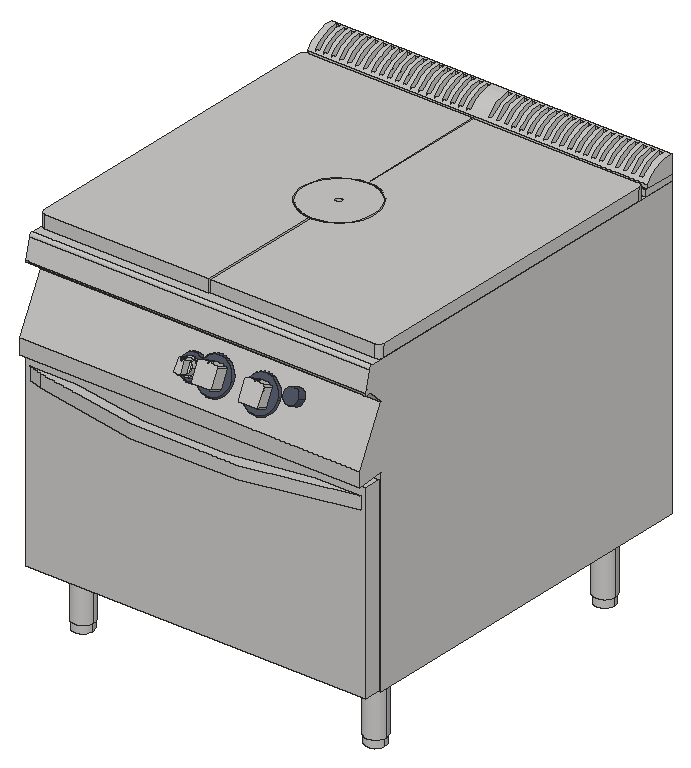
Revit family "QF_ZANUSSI_392019_Z9STGH10G0", category Specialty Equipment, Revit 2018 (continued)
Automatic sketch dimensions
  Extrusion 9 sketch curve to Extrusion 9 sketch curve = 0.04 mm
  Extrusion 9 sketch curve to Extrusion 9 sketch curve = 2.956 mm
  plane 5 "FRONT" to curve 1 = 15 mm
  Extrusion 5 sketch curve to plane 9 "Base" = 0 mm
  Extrusion 5 sketch curve to plane 12 = 394 mm
  plane 9 "Base" to Extrusion 5 sketch curve = 5 mm
  Extrusion 5 sketch curve to plane 12 = 409 mm
  Extrusion 5 sketch curve to plane 10 = 53.839 mm
  Extrusion 5 sketch curve to Extrusion 5 sketch curve = 15.116 mm
  Extrusion 5 sketch curve to Extrusion 5 sketch curve = 2.884 mm
  Extrusion 5 sketch curve to plane 10 = 8.324 mm
  Extrusion 5 sketch curve to Extrusion 5 sketch curve = 13.051 mm
  Extrusion 5 sketch curve to plane 10 = 57.666 mm
  Extrusion 5 sketch curve to Extrusion 5 sketch curve = 10.198 mm
  Extrusion 5 sketch curve to plane 10 = 0.85 mm
  Extrusion 5 sketch curve to Extrusion 5 sketch curve = 40 mm
  Extrusion 5 sketch curve to Extrusion 5 sketch curve = 1.355 mm
  Extrusion 5 sketch curve to Extrusion 5 sketch curve = 0.445 mm
  Extrusion 5 sketch curve to Extrusion 5 sketch curve = 5 mm
  Extrusion 5 sketch curve to Extrusion 5 sketch curve = 31.82 mm  (x2)
  plane 19 to Extrusion 5 sketch curve = 664 mm
  Extrusion 5 sketch curve to Extrusion 5 sketch curve = 193.184 mm
  Extrusion 5 sketch curve to Extrusion 5 sketch curve = 5.508 mm
  Extrusion 5 sketch curve to Extrusion 5 sketch curve = 10.259 mm
  Extrusion 5 sketch curve to Extrusion 5 sketch curve = 35 mm
  Extrusion 9 sketch curve to plane 4 "RIGHT" = 0 mm
  Extrusion 9 sketch curve to plane 3 "LEFT" = 0 mm
  Extrusion 9 sketch curve to plane 15 = 43.7 mm
  plane 17 to Extrusion 9 sketch curve = 7.175 mm
  Extrusion 9 sketch curve to plane 16 = 44.471 mm
  Extrusion 9 sketch curve to plane 18 = 7.175 mm
  plane 18 to Blend 12 sketch curve = 362.174 mm  (x2)
  Blend 12 sketch curve to plane 13 = 379.05 mm  (x2)
  Blend 12 sketch curve to Blend 12 sketch curve = 0 mm  (x2)
  Blend 12 sketch curve to plane 13 = 344 mm
  Blend 12 sketch curve to Blend 12 sketch curve = 24.037 mm
  Blend 12 sketch curve to plane 13 = 344.472 mm
  Blend 12 sketch curve to Blend 12 sketch curve = 21.086 mm
  plane 18 to Extrusion 13 sketch curve = 360.173 mm
  Extrusion 14 sketch curve to plane 13 = 356.05 mm
  Extrusion 14 sketch curve to Extrusion 14 sketch curve = 2.997 mm  (x3)
  Extrusion 14 sketch curve to Extrusion 14 sketch curve = 20.003 mm  (x2)
  Extrusion 14 sketch curve to Extrusion 14 sketch curve = 40.005 mm
  Extrusion 14 sketch curve to Extrusion 14 sketch curve = 5.399 mm
  Extrusion 14 sketch curve to Extrusion 14 sketch curve = 40.037 mm
  Extrusion 14 sketch curve to Extrusion 14 sketch curve = 0 mm  (x2)
  Split face 27 sketch curve to Split face 27 sketch curve = 2.545 mm
  Split face 27 sketch curve to Split face 27 sketch curve = 4.379 mm
  Split face 28 sketch curve to Split face 28 sketch curve = 0.816 mm  (x2)
  Split face 28 sketch curve to Split face 28 sketch curve = 2.828 mm
  plane 18 to Extrusion 15 sketch curve = 360.173 mm
  plane 18 to Extrusion 16 sketch curve = 343.281 mm
  plane 18 to Extrusion 16 sketch curve = 349.339 mm
  plane 18 to Extrusion 16 sketch curve = 349.348 mm
  plane 18 to Extrusion 16 sketch curve = 352.175 mm
  Extrusion 16 sketch curve to Extrusion 16 sketch curve = 15.995 mm
  Extrusion 16 sketch curve to Extrusion 16 sketch curve = 2.827 mm  (x3)
  Extrusion 16 sketch curve to Extrusion 16 sketch curve = 0.01 mm
  Extrusion 16 sketch curve to Extrusion 16 sketch curve = 8.895 mm
  Extrusion 16 sketch curve to Extrusion 16 sketch curve = 0 mm
  Extrusion 16 sketch curve to Extrusion 16 sketch curve = 15.163 mm
  Extrusion 16 sketch curve to Extrusion 16 sketch curve = 15.173 mm
  Extrusion 17 sketch curve to plane 5 "FRONT" = 9.329 mm
  Extrusion 17 sketch curve to plane 10 = 112.866 mm
  Extrusion 17 sketch curve to Extrusion 17 sketch curve = 3 mm
  Extrusion 17 sketch curve to Extrusion 17 sketch curve = 0 mm  (x2)
  Extrusion 17 sketch curve to Extrusion 17 sketch curve = 1 mm
  Extrusion 17 sketch curve to Extrusion 17 sketch curve = 15 mm
  Extrusion 18 sketch curve to Extrusion 18 sketch curve = 0 mm  (x2)
  Extrusion 18 sketch curve to plane 5 "FRONT" = 15.005 mm
  Extrusion 18 sketch curve to plane 10 = 123.857 mm
  Extrusion 18 sketch curve to Extrusion 18 sketch curve = 1 mm
  Extrusion 18 sketch curve to Extrusion 18 sketch curve = 2.764 mm
  Extrusion 18 sketch curve to Extrusion 18 sketch curve = 2.616 mm
  Extrusion 18 sketch curve to Extrusion 18 sketch curve = 12.193 mm
  plane 7 "Center Y" to Blend 19 sketch curve = 144.55 mm  (x2)
  Extrusion 20 sketch curve to plane 13 = 465.55 mm
  Extrusion 20 sketch curve to Extrusion 20 sketch curve = 2.997 mm  (x3)
  Extrusion 20 sketch curve to Extrusion 20 sketch curve = 20.003 mm  (x2)
  Extrusion 20 sketch curve to Extrusion 20 sketch curve = 40.005 mm
  Extrusion 20 sketch curve to Extrusion 20 sketch curve = 5.399 mm
  Extrusion 20 sketch curve to Extrusion 20 sketch curve = 40.037 mm
  Extrusion 20 sketch curve to Extrusion 20 sketch curve = 0 mm  (x2)
  Extrusion 21 sketch curve to plane 13 = 471.05 mm
  Extrusion 21 sketch curve to Extrusion 21 sketch curve = 35 mm  (x2)
  Extrusion 22 sketch curve to plane 5 "FRONT" = 9.329 mm
  Extrusion 22 sketch curve to plane 10 = 112.866 mm
  Extrusion 22 sketch curve to Extrusion 22 sketch curve = 3 mm
  Extrusion 22 sketch curve to Extrusion 22 sketch curve = 0 mm
  Extrusion 22 sketch curve to Extrusion 22 sketch curve = 1 mm  (x2)
  Extrusion 22 sketch curve to Extrusion 22 sketch curve = 15 mm
  plane 7 "Center Y" to Extrusion 23 sketch curve = 222.523 mm
  plane 7 "Center Y" to Extrusion 24 sketch curve = 222.523 mm
  curve 229 to plane 7 "Center Y" = 19.952 mm
  curve 229 to plane 11 = 132.937 mm
  curve 224 to plane 7 "Center Y" = 19.95 mm
  curve 225 to plane 7 "Center Y" = 11.954 mm
  curve 225 to curve 225 = 2.259 mm
  curve 224 to curve 225 = 0.319 mm
  curve 224 to curve 222 = 3.717 mm
  curve 225 to curve 224 = 1.423 mm
  curve 228 to curve 224 = 4.288 mm
  curve 224 to curve 223 = 0.001 mm
  curve 226 to curve 226 = 0.865 mm
  curve 226 to curve 226 = 2.495 mm
  curve 226 to curve 223 = 0.141 mm
  curve 221 to curve 223 = 3.718 mm
  curve 223 to curve 224 = 4.284 mm
  curve 224 to curve 223 = 0 mm
  curve 229 to curve 224 = 2.937 mm
  curve 229 to curve 223 = 2.937 mm
  curve 224 to curve 228 = 0 mm
  curve 227 to curve 223 = 0 mm
  curve 224 to curve 222 = 1.224 mm
  curve 223 to curve 221 = 1.224 mm
  curve 227 to curve 227 = 4.847 mm
  curve 229 to curve 223 = 7.784 mm
  curve 227 to curve 224 = 0.003 mm
  curve 228 to curve 228 = 4.85 mm
  curve 224 to curve 225 = 0.047 mm
  curve 226 to curve 226 = 2.86 mm
  curve 226 to curve 221 = 10.261 mm
  plane 9 "Base" to Extrusion 25 sketch curve = 5 mm
  Extrusion 25 sketch curve to plane 12 = 0.028 mm
  Extrusion 25 sketch curve to plane 5 "FRONT" = 15 mm
  plane 9 "Base" to Extrusion 25 sketch curve = 6.461 mm
  Extrusion 25 sketch curve to Extrusion 25 sketch curve = 36.025 mm
  Extrusion 26 sketch curve to Extrusion 26 sketch curve = 0 mm  (x6)
  Extrusion 26 sketch curve to plane 7 "Center Y" = 0 mm
  Extrusion 26 sketch curve to plane 5 "FRONT" = 15 mm  (x2)
  Extrusion 26 sketch curve to plane 14 = 47.605 mm
  plane 17 to Extrusion 26 sketch curve = 9.875 mm
  Extrusion 26 sketch curve to plane 1 "BACK" = 337.5 mm
  Extrusion 26 sketch curve to plane 5 "FRONT" = 4.65 mm
  curve 24 to plane 4 "RIGHT" = 0 mm
  curve 238 to plane 3 "LEFT" = 0 mm
  curve 236 to plane 3 "LEFT" = 0 mm
  curve 236 to plane 4 "RIGHT" = 0 mm
  curve 239 to plane 4 "RIGHT" = 0 mm
  curve 230 to plane 5 "FRONT" = 13.86 mm
  curve 230 to plane 7 "Center Y" = 29.624 mm
  curve 231 to plane 7 "Center Y" = 10.279 mm
  plane 7 "Center Y" to curve 189 = 12.05 mm
  curve 189 to curve 190 = 0.809 mm
  curve 193 to curve 193 = 1.583 mm
  curve 190 to curve 191 = 1.846 mm
  curve 190 to curve 204 = 2.189 mm
  plane 7 "Center Y" to curve 192 = 23.942 mm
  curve 196 to plane 5 "FRONT" = 9.329 mm
  curve 193 to curve 196 = 20.417 mm
  plane 7 "Center Y" to curve 194 = 34.181 mm
  curve 194 to curve 203 = 1.738 mm
  curve 195 to curve 197 = 2 mm
  curve 192 to curve 201 = 22.215 mm
  curve 196 to curve 204 = 19.003 mm
  curve 204 to curve 200 = 0.343 mm
  curve 200 to curve 202 = 1.071 mm
  curve 204 to curve 199 = 2.189 mm
  curve 199 to curve 198 = 0.809 mm
  plane 5 "FRONT" to curve 205 = 9.347 mm
  curve 198 to curve 205 = 63.5 mm
  curve 205 to curve 206 = 0.809 mm
  curve 209 to curve 209 = 1.583 mm
  curve 206 to curve 207 = 1.846 mm
  curve 206 to curve 220 = 2.189 mm
  curve 205 to curve 208 = 11.892 mm
  curve 212 to plane 5 "FRONT" = 9.329 mm
  curve 209 to curve 212 = 20.417 mm
  curve 210 to plane 11 = 17.481 mm
  curve 207 to curve 210 = 19.134 mm
  curve 210 to curve 219 = 1.738 mm
  curve 211 to curve 212 = 2 mm
  curve 208 to curve 217 = 22.215 mm
  curve 212 to curve 220 = 19.003 mm
  curve 220 to curve 216 = 0.343 mm
  curve 216 to curve 218 = 1.071 mm
  curve 220 to curve 215 = 2.189 mm
  curve 215 to curve 214 = 0.809 mm
  curve 203 to plane 11 = 17.481 mm
  curve 238 to plane 12 = 0.028 mm
  curve 210 to curve 219 = 0 mm
  curve 194 to curve 203 = 0 mm
  plane 5 "FRONT" to curve 204 = 10.68 mm
  plane 5 "FRONT" to curve 220 = 10.68 mm
  curve 204 to curve 198 = 1.333 mm
  curve 220 to curve 214 = 1.333 mm
  curve 191 to curve 189 = 1.333 mm
  curve 190 to curve 191 = 2.779 mm
  curve 206 to curve 207 = 2.779 mm
  curve 215 to curve 216 = 2.779 mm
  curve 199 to curve 200 = 2.779 mm
  plane 5 "FRONT" to curve 235 = 0.129 mm
  curve 193 to plane 5 "FRONT" = 7.894 mm
  curve 202 to plane 5 "FRONT" = 7.894 mm
  curve 209 to plane 5 "FRONT" = 7.894 mm
  curve 218 to plane 5 "FRONT" = 7.894 mm
  curve 231 to plane 5 "FRONT" = 13.86 mm
  curve 211 to curve 208 = 41.91 mm
  curve 195 to curve 192 = 41.91 mm
  curve 192 to curve 201 = 0 mm
  curve 208 to curve 217 = 0 mm
  curve 230 to curve 230 = 1.229 mm
  curve 230 to curve 235 = 1.675 mm
  curve 230 to curve 230 = 0.445 mm
  plane 5 "FRONT" to curve 232 = 0.129 mm
  curve 232 to plane 7 "Center Y" = 11.954 mm
  curve 231 to curve 231 = 1.675 mm
  curve 231 to curve 231 = 0.445 mm
  plane 7 "Center Y" to curve 192 = 2.24 mm
  curve 194 to curve 193 = 0.284 mm
  curve 202 to curve 203 = 0.284 mm
  curve 198 to curve 201 = 9.809 mm
  curve 208 to curve 205 = 9.809 mm
  curve 210 to curve 209 = 0.284 mm
  curve 218 to curve 219 = 0.284 mm
  curve 214 to curve 217 = 9.809 mm
  curve 217 to curve 237 = 28.904 mm
  curve 237 to curve 237 = 16.26 mm
  curve 237 to curve 237 = 1.74 mm
  plane 5 "FRONT" to curve 234 = 0.129 mm
  plane 5 "FRONT" to curve 233 = 0.129 mm
  curve 193 to curve 193 = 0.567 mm
  curve 209 to curve 209 = 0.567 mm
  curve 202 to curve 202 = 0.567 mm
  curve 218 to curve 218 = 0.567 mm
  curve 194 to curve 192 = 1.156 mm
  curve 210 to curve 208 = 1.156 mm
  curve 203 to curve 201 = 1.156 mm
  curve 218 to curve 217 = 1.156 mm
  curve 230 to curve 230 = 0.083 mm
  curve 231 to curve 231 = 0.083 mm
  curve 236 to plane 5 "FRONT" = 14.871 mm
  curve 208 to curve 205 = 4.292 mm
  curve 217 to curve 214 = 4.292 mm
  curve 201 to curve 198 = 4.292 mm
  curve 203 to curve 197 = 3.441 mm
  curve 210 to curve 211 = 3.441 mm
  curve 195 to curve 197 = 0 mm
  curve 211 to curve 213 = 0 mm
  curve 192 to curve 189 = 4.292 mm
  curve 237 to curve 237 = 3.434 mm
  radius of Extrusion 10 sketch curve = 6.4 mm
  radius of Extrusion 9 sketch curve = 82.6 mm
  radius of Extrusion 9 sketch curve = 7 mm
  radius of Extrusion 13 sketch curve = 20 mm
  radius of Split face 1 sketch curve = 1 mm
  radius of Split face 2 sketch curve = 1 mm
  radius of Split face 3 sketch curve = 1 mm
  radius of Split face 4 sketch curve = 1 mm
  radius of Split face 5 sketch curve = 1 mm
  radius of Split face 6 sketch curve = 1 mm
  radius of Split face 7 sketch curve = 1 mm
  radius of Split face 8 sketch curve = 1 mm
  radius of Split face 9 sketch curve = 1 mm
  radius of Split face 10 sketch curve = 1 mm
  radius of Split face 11 sketch curve = 1 mm
  radius of Split face 12 sketch curve = 1 mm
  radius of Split face 13 sketch curve = 1 mm
  radius of Split face 14 sketch curve = 1 mm
  radius of Split face 15 sketch curve = 1 mm
  radius of Split face 16 sketch curve = 1 mm
  radius of Split face 17 sketch curve = 1 mm
  radius of Split face 18 sketch curve = 1 mm
  radius of Split face 19 sketch curve = 1 mm
  radius of Split face 20 sketch curve = 1 mm
  radius of Split face 21 sketch curve = 1 mm
  radius of Split face 22 sketch curve = 1 mm
  radius of Split face 23 sketch curve = 1 mm
  radius of Split face 24 sketch curve = 1 mm
  radius of Split face 25 sketch curve = 1.508 mm
  radius of Split face 26 sketch curve = 1.343 mm
  radius of Extrusion 15 sketch curve = 16 mm
  radius of Blend 19 sketch curve = 42.5 mm
  radius of Blend 19 sketch curve = 40.5 mm
  radius of Split face 29 sketch curve = 1.5 mm
  radius of Split face 30 sketch curve = 1.5 mm
  radius of Split face 31 sketch curve = 1.5 mm
  radius of Split face 32 sketch curve = 1.5 mm
  radius of Split face 33 sketch curve = 1.5 mm
  radius of Split face 34 sketch curve = 1.5 mm
  radius of Split face 35 sketch curve = 1.5 mm
  radius of Split face 36 sketch curve = 2.5 mm
  radius of Split face 37 sketch curve = 2.031 mm
  radius of Split face 38 sketch curve = 1.5 mm
  radius of Split face 39 sketch curve = 1.5 mm
  radius of Extrusion 23 sketch curve = 18 mm
  radius of Extrusion 24 sketch curve = 15 mm
Connectors
  piping at (747.613, -664, 129), diameter 12.8
    settings: on Extrusion 10, index 1, connector inside diameter 0.50394", connector length 0 mm, flow factor 0, pipe flow 0 GPM, pressure drop 0.00 psi, fitting loss kfactor 0, connector angle 0.00°, fixture units 0, engagement length 0 mm, angle of deflection 0.00°, flow configuration 1, flow direction 1, fitting loss method 0, system type 7, joint type 0, gender type 0, connector reference index -1, connector utility 0, adjustable connector no, is connector primary yes, connector description "GAS CONNECTION"
